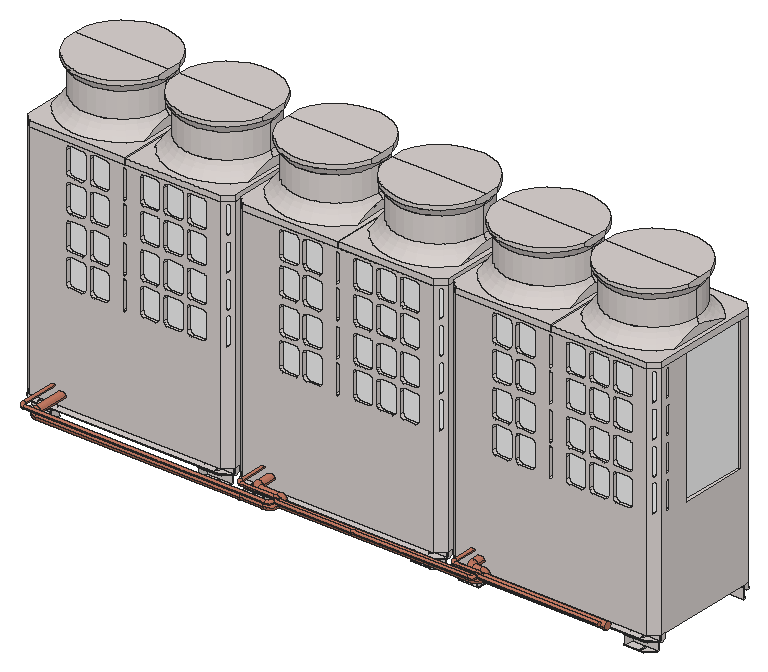
Revit family "PUHY-P1200YSNW-A1", category 機械設備, Revit 2016 (continued)
Definition of nested family "PUHY-P400YNW-A1"
  Dimensions and locks
    Extrusion 21 sketch curve to Extrusion 21 sketch curve = 170.800 mm
    plane 3 "Center (Left/Right)" to cut or joined group 1 (Extrusion 1, Extrusion 2, Extrusion 3, Extrusion 4, Extrusion 5, Extrusion 6, Extrusion 7, Extrusion 8, Extrusion 9, Extrusion 10, Extrusion 11, Extrusion 12, Extrusion 13, Extrusion 14, Extrusion 15, Extrusion 16, Extrusion 17, Extrusion 18, Extrusion 19, Extrusion 20, Extrusion 21, Extrusion 22, Extrusion 23, Extrusion 24, Extrusion 25, Extrusion 26, Extrusion 27, Extrusion 28, Extrusion 29, Extrusion 30, Extrusion 31, Extrusion 32, Extrusion 33) = 620.000 mm
    cut or joined group 1 to plane 3 "Center (Left/Right)" = 620.000 mm
    Extrusion 1 sketch curve to Extrusion 1 sketch curve = 1240.000 mm
    cut or joined group 1 to plane 8 = 185.000 mm
    cut or joined group 1 to plane 7 = 166.000 mm
    cut or joined group 1 to plane 6 = 110.000 mm
    cut or joined group 1 to plane 12 to cut or joined group 1 = 805.000 mm, 621.000 mm
    plane 5 to plane 2 = 1858.000 mm  (x2)
    cut or joined group 1 to plane 19 "132" = 132.000 mm
    cut or joined group 1 to plane 22 = 207.000 mm
    cut or joined group 1 to plane 23 = 256.000 mm
    cut or joined group 1 to plane 6 = 60.000 mm
    cut or joined group 1 to cut or joined group 1 = 42.154 mm
    cut or joined group 1 to cut or joined group 1 = 11.895 mm
    nested 1 to nested 3 to level = 1798.000 mm, 60.000 mm
    nested 1 to nested 1 = 303.000 mm
    nested 1 to nested 3 = 1495.000 mm
    nested 8 to nested 8 to nested 8 to nested 7 to nested 7 to nested 7 = 54.000 mm, 20.000 mm, 592.000 mm, 20.000 mm, 54.000 mm
    nested 3 to nested 3 = 56.000 mm
    plane 11 to plane 31 to plane 32 to cut or joined group 1 = 90.000 mm, 1060.000 mm, 90.000 mm
    curve 103 to nested 7 = 90.000 mm
    curve 104 to nested 7 = 125.000 mm
    curve 101 to nested 7 = 100.000 mm
    curve 11 to curve 13 to nested 7 = 84.000 mm, 71.000 mm
    cut or joined group 1 to curve 12 to curve 14 = 125.000 mm, 148.000 mm
    nested 2 to nested 7 = 1495.000 mm
    curve 87 to cut or joined group 1 = 152.000 mm
    curve 88 to cut or joined group 1 = 172.000 mm
    curve 89 to cut or joined group 1 = 216.000 mm
    cut or joined group 1 to curve 4 to curve 2 = 128.000 mm, 150.000 mm
    cut or joined group 1 to curve 1 to curve 3 = 79.000 mm, 94.000 mm
    Extrusion 32 sketch curve to nested 7 = 116.000 mm
    cut or joined group 1 to Extrusion 32 sketch curve = 160.000 mm
    cut or joined group 1 to Extrusion 33 sketch curve = 243.000 mm
    Extrusion 33 sketch curve to nested 7 = 116.000 mm
    aligned and locked: level to plane 2
    aligned and locked: Extrusion 1 to plane 4
  Nested families
    nested 1: "FAN GUARD" at (-311.5, 2, 860), type "FAN GUARD"
      with WIDTH 870.000 mm
    nested 2: "FAN GUARD" at (311.5, 2, 860) x (-1, 0, 0) z (0, 0, 1), type "FAN GUARD"
      with WIDTH 870.000 mm
    nested 3: "ATTACHMENT LEG" at (-524, -349, 0), type "ATTACHMENT LEG"
    nested 4: "ATTACHMENT LEG" at (-524, 349, 0), type "ATTACHMENT LEG"
    nested 5: "ATTACHMENT LEG" at (524, -349, 0) x (-1, 0, 0) z (0, 0, 1), type "ATTACHMENT LEG"
    nested 6: "ATTACHMENT LEG" at (524, 349, 0) x (-1, 0, 0) z (0, 0, 1), type "ATTACHMENT LEG"
    nested 7: "BASE LEG_L_" at (0, -352, 60), type "BASE LEG_L_"
      with Width 1240.000 mm
    nested 8: "BASE LEG_L_" at (0, 352, 60), type "BASE LEG_L_"
      with Width 1240.000 mm
  Connectors
    piping at (-460, -191, 176), diameter 25.4, driven by "Liquid pipe_radius"
      settings: on cut or joined group 1, index 3, connector inside diameter 25.4 mm, connector length 0.000 mm, flow factor 0, pipe flow 0.0 L/s, pressure drop 0.0 Pa, fitting loss kfactor 0, connector angle 0.00°, fixture units 0, engagement length 0.000 mm, angle of deflection 0.00°, flow configuration 0, flow direction 0, fitting loss method 0, system type 22, joint type 0, gender type 0, connector reference index -1, connector utility 0, adjustable connector no, is connector primary yes, connector description "Refrigerant service valve<Liquid pipe>"
    piping at (-377, -191, 176), diameter 28.58, driven by "Gas pipe_radius"
      settings: on cut or joined group 1, index 4, connector inside diameter 28.58 mm, connector length 0.000 mm, flow factor 0, pipe flow 0.0 L/s, pressure drop 0.0 Pa, fitting loss kfactor 0, connector angle 0.00°, fixture units 0, engagement length 0.000 mm, angle of deflection 0.00°, flow configuration 0, flow direction 0, fitting loss method 0, system type 22, joint type 0, gender type 0, connector reference index -1, connector utility 0, adjustable connector no, is connector primary no, connector description "Refrigerant service valve<Gas>"
    electrical at (0, -370, 808)
      settings: on cut or joined group 1, index 5, voltage 0 V, apparent load 0 VA, apparent load phase1 0 VA, apparent load phase2 0 VA, apparent load phase3 0 VA, power factor 1, load classification none, number of poles 1, system type 30, power factor state 1, is connector primary yes, connector utility no, sub classification motor no, connector description ""
  Definition of nested family "FAN GUARD"
    Parameters
      WIDTH [instance] = 870.000 mm
    Reference planes
      plane 1 "中心(正面/背面)": y = -2
      plane 2: z = 0
      plane 3 "ファンガード基準面": z = 661
      plane 4: y = 368
      plane 5: x = 366
      plane 6: x = -375
      plane 7 "ファンガード基準上面": z = 695
      plane 8 "ファンガード上面": z = 998
      plane 9: x = -273.971
      plane 10: x = 308.5
      plane 11: x = -308.5
      plane 12: x = 0
    Forms (mm)
      Extrusion 1, solid
        sketch origin (85, 0, 661) x (-1, 0, 0) y (0, -1, 0)
          loop
            line (343.5, -368) -> (393.5, -318) -> (393.5, 322) -> (343.5, 372) -> (-223.5, 372) -> (-223.5, -368) -> (343.5, -368)
        from 0 to 34
      Revolve 2, solid
        sketch origin (0, -2, 0) x (1, 0, 0) y (0, 0, 1)
          loop
            line (0, 695) -> (0, 998) -> (-290, 998) -> (-290, 972.327) -> (-260, 928.372) -> (-260, 777.384)
            arc (-260, 777.384) -> (-290.651, 730.137) -> (-334.665, 695) r 175.882
            line (-334.665, 695) -> (0, 695)
          axis (0, 998) -> (0, 695)
        angle from 0 to 360
      Extrusion 3, void
        sketch origin (-840, 75, 695) x (-1, 0, 0) y (0, -1, 0)
          loop
            line (-410, -165) -> (-410, 315) -> (-561.253, 315) -> (-561.253, -165) -> (-410, -165)
        from -35 to 430.592
      Extrusion 4, void
        sketch origin (840, 75, 695) x (1, 0, 0) y (0, 1, 0)
          loop
            line (-410, 165) -> (-561.253, 165) -> (-561.253, -315) -> (-410, -315) -> (-410, 165)
        from 0 to 430.592
    Cuts and joins
      Extrusion 3, Extrusion 4 cuts Revolve 2
      Extrusion 4 cuts Extrusion 1
    Lines and regions (mm)
      model lines
        curve 1: line (-278.747, 0, 998) -> (-80, 0, 998)
        curve 2: line (80, 0, 998) -> (278.747, 0, 998)
        curve 3: circle (0, 0, 998) r 80 normal (0, 0, 1)
        curve 4: line (-278.747, -80, 998) -> (278.747, -80, 998)
        curve 5: line (-241.868, -160, 998) -> (241.868, -160, 998)
        curve 6: line (-162.788, -240, 998) -> (162.788, -240, 998)
        curve 7: line (-278.747, 80, 998) -> (278.747, 80, 998)
        curve 8: line (-241.868, 160, 998) -> (240, 160, 998)
        curve 9: line (-160, 240, 998) -> (162.788, 240, 998)
        curve 10: line (0, 290, 998) -> (0, -290, 998)
        curve 11: line (-20, 289.31, 998) -> (-20, -289.31, 998)
        curve 12: line (-40, 287.228, 998) -> (-40, -287.228, 998)
        curve 13: line (-60, 283.725, 998) -> (-60, -283.725, 998)
        curve 14: line (-80, 278.747, 998) -> (-80, -278.747, 998)
        curve 15: line (20, 289.31, 998) -> (20, -289.31, 998)
        curve 16: line (40, 287.228, 998) -> (40, -287.228, 998)
        curve 17: line (60, 283.725, 998) -> (60, -283.725, 998)
        curve 18: line (80, 278.747, 998) -> (80, -278.747, 998)
        curve 19: line (100, 272.213, 998) -> (100, -272.213, 998)
        curve 20: line (120, 264.008, 998) -> (120, -264.008, 998)
        curve 21: line (140, 253.969, 998) -> (140, -253.969, 998)
        curve 22: line (160, 241.868, 998) -> (160, -243.132, 998)
        curve 23: line (180, 227.376, 998) -> (180, -227.624, 998)
        curve 24: line (200, 210, 998) -> (200, -210, 998)
        curve 25: line (220, 188.944, 998) -> (220, -188.944, 998)
        curve 26: line (240, 160, 998) -> (240, -162.788, 998)
        curve 27: line (260, 128.452, 998) -> (260, -128.452, 998)
        curve 28: line (-100, 272.213, 998) -> (-100, -272.213, 998)
        curve 29: line (-120, 264.008, 998) -> (-120, -264.008, 998)
        curve 30: line (-140, 253.969, 998) -> (-140, -253.969, 998)
        curve 31: line (-160, 240, 998) -> (-160, -241.868, 998)
        curve 32: line (-180, 227.376, 998) -> (-180, -227.376, 998)
        curve 33: line (-200, 210, 998) -> (-200, -210, 998)
        curve 34: line (-220, 188.944, 998) -> (-220, -188.944, 998)
        curve 35: line (-240, 162.788, 998) -> (-240, -162.788, 998)
        curve 36: line (-260, 128.452, 998) -> (-260, -128.452, 998)
        curve 37: line (10, 79.373, 998) -> (10, -79.373, 998)
        curve 38: line (-10, 79.373, 998) -> (-10, -79.373, 998)
        curve 39: line (30, 74.162, 998) -> (30, -74.162, 998)
        curve 40: line (50, 62.45, 998) -> (50, -62.45, 998)
        curve 41: line (70, 38.73, 998) -> (70, -38.73, 998)
        curve 42: line (-30, 74.162, 998) -> (-30, -74.162, 998)
        curve 43: line (-50, 62.45, 998) -> (-50, -62.45, 998)
        curve 44: line (-70, 38.73, 998) -> (-70, -38.73, 998)
    Dimensions and locks
      locked: plane 8 "ファンガード上面" to plane 7 "ファンガード基準上面" at 303
      plane 8 "ファンガード上面" to plane 3 "ファンガード基準面" = 337.000 mm
      Revolve 2 sketch curve to Revolve 2 sketch curve = 290.000 mm
      Extrusion 1 sketch curve to Extrusion 1 sketch curve = 740.000 mm
      equal spacing: Extrusion 1 sketch curve, plane 1 "中心(正面/背面)", Extrusion 1 sketch curve
      plane 6 to plane 5 = 741.000 mm
      Extrusion 1 sketch curve to Extrusion 1 sketch curve = 617.000 mm
      plane 11 to plane 10 = 617.000 mm
      cut or joined group of Extrusion 1, Extrusion 4 to cut or joined group of Extrusion 1, Extrusion 4 = 617.000 mm
      cut or joined group of Extrusion 1, Extrusion 4 to cut or joined group of Extrusion 1, Extrusion 4 = 740.000 mm
      aligned and locked: level to plane 2
      aligned and locked: plane 7 "ファンガード基準上面" to Extrusion 1
      aligned and locked: plane 3 "ファンガード基準面" to Extrusion 1
      aligned and locked: cut or joined group of Revolve 2, Extrusion 3, Extrusion 4 to plane 8 "ファンガード上面"
  Definition of nested family "ATTACHMENT LEG"
    Parameters
      Width = 145.000 mm
    Reference planes
      plane 1: z = 0
      plane 2 "中心(左/右)": x = -6
      plane 3: x = -52
      plane 4: x = 85
      plane 5: x = 93
      plane 6: y = -21
      plane 7: y = 27
      plane 8: x = -30
      plane 9: y = 39
      plane 10: z = 60
      plane 11: z = 57
      plane 12: z = 3
      plane 13: x = 82
      plane 14: y = 36
      plane 15: x = -75
      plane 16: y = 31
      plane 17 "幅": x = 93
      plane 18: y = 2.5
      plane 19: y = 21
      plane 20: y = -10
    Forms (mm)
      Extrusion 1, solid
        sketch origin (0, -1, 0) x (1, 0, 0) y (0, 1, 0)
          loop
            line (-75, 36) -> (-75, 27) -> (-28, -20) -> (93, -20) -> (93, 32) -> (85, 32) -> (85, 36) -> (-75, 36)
        from 0 to 60
      Extrusion 2, void
        sketch origin (0, -3, 0) x (1, 0, 0) y (0, 0, 1)
          loop
            line (-75, 57) -> (-75, 3) -> (82, 3) -> (82, 57) -> (-75, 57)
          loop
            line (93, 57) -> (85, 57) -> (85, 3) -> (93, 3) -> (93, 57)
        from -35 to 18
      Extrusion 3, void
        sketch origin (-6, 5.5, 0) x (1, 0, 0) y (0, 1, 0)
          loop
            arc (-7, -8.5) -> (0, -15.5) -> (7, -8.5) r 7
            line (7, -8.5) -> (7, 8.5)
            arc (7, 8.5) -> (0, 15.5) -> (-7, 8.5) r 7
            line (-7, 8.5) -> (-7, -8.5)
        from 0 to 60
    Cuts and joins
      Extrusion 2, Extrusion 3 cuts Extrusion 1
    Dimensions and locks
      locked: plane 3 to plane 4 at 137
      locked: plane 3 to plane 5 at 145
      plane 6 to plane 7 = 48.000 mm
      locked: plane 10 to level at 60
      Extrusion 3 sketch curve to plane 2 "中心(左/右)" = 7.000 mm
      locked: plane 15 to plane 2 "中心(左/右)" at 69
      locked: plane 15 to plane 8 at 45
      locked: plane 6 to plane 18 at 23.5
      cut or joined group of Extrusion 1, Extrusion 2, Extrusion 3 to cut or joined group of Extrusion 1, Extrusion 2, Extrusion 3 = 168.000 mm
      cut or joined group of Extrusion 1, Extrusion 2, Extrusion 3 to cut or joined group of Extrusion 1, Extrusion 2, Extrusion 3 = 56.000 mm  (x2)
      plane 14 to plane 6 = 57.000 mm
      aligned and locked: level to plane 1
      aligned and locked: Extrusion 1 sketch curve to plane 4
      aligned and locked: Extrusion 1 sketch curve to plane 5
      aligned: plane 8 to Extrusion 1 sketch curve
      aligned and locked: plane 10 to Extrusion 1
      aligned and locked: Extrusion 2 sketch curve to plane 11
      aligned: plane 3 to Extrusion 2 sketch curve
      aligned and locked: plane 12 to Extrusion 2 sketch curve
      aligned and locked: Extrusion 2 sketch curve to plane 13
      aligned and locked: plane 6 to Extrusion 2
      aligned and locked: plane 11 to Extrusion 2 sketch curve
      aligned and locked: plane 5 to Extrusion 2 sketch curve
      aligned and locked: Extrusion 2 sketch curve to plane 12
      aligned and locked: Extrusion 2 sketch curve to plane 4
      aligned and locked: plane 15 to Extrusion 1 sketch curve
      aligned and locked: Extrusion 2 sketch curve to cut or joined group of Extrusion 1, Extrusion 2, Extrusion 3
      aligned and locked: Extrusion 1 to plane 16
  Definition of nested family "BASE LEG_L_"
    Parameters
      Width [instance] = 1240.000 mm
    Reference planes
      plane 1 "中心(正面/背面)": y = 0
      plane 2: z = 0
      plane 3 "中心(左/右)": x = 0
      plane 4: x = 620
      plane 5: x = -620
      plane 6: x = -530
      plane 7: x = 530
      plane 8: y = -18
      plane 9: y = 39
      plane 10: z = 53
      plane 11: y = 42
      plane 12: y = 27
      plane 13: x = 575
      plane 14: x = -575
      plane 15: z = 8
      plane 16: y = 11.5
      plane 17: z = 35
    Forms (mm)
      Extrusion 1, solid
        sketch origin (0, 0, 0) x (0, 1, 0) y (0, 0, 1)
          loop
            line (-18, 0) -> (36, 0) -> (36, 32) -> (56, 32) -> (56, 35) -> (33, 35) -> (33, 3) -> (-18, 3) -> (-18, 0)
        from -620 to 620
      Extrusion 2, void
        sketch origin (0, 0, 0) x (1, 0, 0) y (0, 1, 0)
          loop
            line (575, -18) -> (620, -18) -> (620, 27) -> (575, -18)
          loop
            line (-575, -18) -> (-620, 27) -> (-620, -18) -> (-575, -18)
        from 0 to 250
      Extrusion 3, void
        sketch origin (0, 12.023, 0) x (1, 0, 0) y (0, 1, 0)
          loop
            arc (523, -2.971) -> (530, -9.971) -> (537, -2.971) r 7
            line (537, -2.971) -> (537, 3.023)
            arc (537, 3.023) -> (530, 10.023) -> (523, 3.023) r 7
            line (523, 3.023) -> (523, -2.971)
          loop
            line (-523, -2.971) -> (-523, 3.023)
            arc (-523, 3.023) -> (-530, 10.023) -> (-537, 3.023) r 7
            line (-537, 3.023) -> (-537, -2.971)
            arc (-537, -2.971) -> (-530, -9.971) -> (-523, -2.971) r 7
        from 0 to 250
      Extrusion 4, solid
        sketch origin (0, 0, -3) x (1, 0, 0) y (0, 0, 1)
          loop
            line (617, 8) -> (620, 8) -> (620, 35) -> (617, 35) -> (617, 8)
          loop
            line (-617, 8) -> (-617, 35) -> (-620, 35) -> (-620, 8) -> (-617, 8)
        from -36 to -56
      Extrusion 5, solid
        sketch origin (150, 352, 0) x (1, 0, 0) y (0, 1, 0)
          loop
            line (460, -319) -> (455, -319) -> (455, -320) -> (405, -370) -> (410, -370) -> (460, -320) -> (460, -319)
        from 3 to 35
      Extrusion 6, void
        sketch origin (560, -18, 0) x (0.707107, 0.707107, 0) y (0, 0, 1)
          loop
            line (70.711, 3) -> (-6.741, 39.767) -> (-6.741, 3) -> (70.711, 3)
        from -190.256 to 23.776
      Extrusion 7, solid
        sketch origin (-150, 352, 0) x (-1, 0, 0) y (0, -1, 0)
          loop
            line (460, 319) -> (460, 320) -> (410, 370) -> (405, 370) -> (455, 320) -> (455, 319) -> (460, 319)
        from 3 to 35
      Extrusion 8, void
        sketch origin (-560, -18, 0) x (0.707107, -0.707107, 0) y (0, 0, -1)
          loop
            line (-70.711, -3) -> (0, -35) -> (6.741, -35) -> (6.741, -3) -> (-70.711, -3)
        from -190.256 to 23.776
    Cuts and joins
      Extrusion 2, Extrusion 3 cuts Extrusion 1
      joined: Extrusion 1, Extrusion 4
      Extrusion 8 cuts Extrusion 7
      Extrusion 6 cuts Extrusion 5
    Dimensions and locks
      "Width": plane 5 to plane 4
      equal spacing: plane 5, plane 3 "中心(左/右)", plane 4
      locked: plane 5 to plane 6 at 90
      locked: plane 7 to plane 4 at 90
      locked: plane 8 to plane 9 at 57
      locked: plane 10 to level at 53
      locked: plane 9 to plane 11 at 3
      plane 8 to plane 12 = 45.000 mm
      locked: plane 13 to plane 4 at 45
      locked: plane 5 to plane 14 at 45
      equal spacing: Extrusion 3 sketch curve, plane 7, Extrusion 3 sketch curve
      equal spacing: Extrusion 3 sketch curve, plane 6, Extrusion 3 sketch curve
      locked: plane 10 to plane 15 at 45
      locked: cut or joined group of Extrusion 1, Extrusion 2, Extrusion 3, Extrusion 4 to Extrusion 4 sketch curve at 3  (x2)
      locked: plane 8 to plane 16 at 29.5
      plane 8 to plane 11 = 60.000 mm
      cut or joined group of Extrusion 1, Extrusion 2, Extrusion 3, Extrusion 4 to cut or joined group of Extrusion 1, Extrusion 2, Extrusion 3, Extrusion 4 = 35.000 mm
      aligned and locked: level to plane 2
      aligned and locked: plane 8 to Extrusion 1 sketch curve
      aligned and locked: plane 4 to Extrusion 1
      aligned and locked: Extrusion 1 to plane 5
      aligned and locked: Extrusion 2 sketch curve to plane 4
      aligned and locked: Extrusion 2 sketch curve to plane 8
      aligned and locked: plane 12 to Extrusion 2 sketch curve
      aligned and locked: plane 13 to Extrusion 2 sketch curve
      aligned and locked: plane 4 to Extrusion 4 sketch curve
      aligned and locked: plane 5 to Extrusion 4 sketch curve
      aligned and locked: cut or joined group of Extrusion 7, Extrusion 8 to cut or joined group of Extrusion 1, Extrusion 2, Extrusion 3, Extrusion 4
    Automatic sketch dimensions
      Extrusion 3 sketch curve to plane 1 "中心(正面/背面)" = 9.052 mm  (x2)
      Extrusion 3 sketch curve to plane 7 = 7.000 mm
      Extrusion 3 sketch curve to plane 1 "中心(正面/背面)" = 15.046 mm  (x2)
      Extrusion 3 sketch curve to plane 6 = 7.000 mm
      Extrusion 2 sketch curve to plane 5 = 0.000 mm
      plane 8 to Extrusion 2 sketch curve = 0.000 mm
      Extrusion 2 sketch curve to plane 14 = 0.000 mm
      plane 12 to Extrusion 2 sketch curve = 0.000 mm
      Extrusion 4 sketch curve to plane 10 = 21.000 mm
      plane 7 to Extrusion 5 sketch curve = 25.000 mm
      Extrusion 5 sketch curve to Extrusion 5 sketch curve = 5.000 mm  (x2)
      plane 7 to Extrusion 5 sketch curve = 75.000 mm
      plane 8 to Extrusion 5 sketch curve = 0.000 mm
      Extrusion 5 sketch curve to Extrusion 5 sketch curve = 50.000 mm
      Extrusion 5 sketch curve to Extrusion 5 sketch curve = 0.000 mm
      Extrusion 5 sketch curve to Extrusion 5 sketch curve = 1.000 mm
      Extrusion 6 sketch curve to Extrusion 5 = 0.000 mm  (x2)
      Extrusion 6 sketch curve to Extrusion 5 = 6.741 mm
      Extrusion 6 sketch curve to Extrusion 5 = 4.767 mm
      plane 6 to Extrusion 7 sketch curve = 25.000 mm
      Extrusion 7 sketch curve to Extrusion 7 sketch curve = 5.000 mm  (x2)
      Extrusion 7 sketch curve to Extrusion 7 sketch curve = 45.000 mm
      Extrusion 7 sketch curve to plane 8 = 0.000 mm
      Extrusion 7 sketch curve to Extrusion 7 sketch curve = 50.000 mm
      Extrusion 7 sketch curve to Extrusion 7 sketch curve = 0.000 mm
      Extrusion 7 sketch curve to Extrusion 7 sketch curve = 1.000 mm
      Extrusion 8 sketch curve to Extrusion 7 = 0.000 mm  (x2)
      Extrusion 7 to Extrusion 8 sketch curve = 0.000 mm  (x2)
      Extrusion 7 to Extrusion 8 sketch curve = 6.741 mm
      Extrusion 4 sketch curve to plane 17 = 3.000 mm
      Extrusion 4 sketch curve to plane 15 = 3.000 mm  (x2)
      Extrusion 1 sketch curve to plane 17 = 0.000 mm
      Extrusion 1 sketch curve to level = 0.000 mm
      level to Extrusion 1 sketch curve = 3.000 mm
      plane 9 to Extrusion 1 sketch curve = 6.000 mm
      plane 9 to Extrusion 1 sketch curve = 3.000 mm
      Extrusion 1 sketch curve to plane 17 = 3.000 mm
      Extrusion 1 sketch curve to plane 11 = 14.000 mm
Types (6, lengths in mm): name | Voltage | Hertz | Heating Rated Load Ampacity (A) | Heating Current Input (Nominal) (A) | Heating Current Input (A) | Cooling Rated Load Ampacity (A) | Cooling Current Input (A)
  PUHY-P1200YSNW-A1_380V_50Hz | 380 V | 50 Hz | 64.7 | 55 | 64.7 | 74.7 | 74.7
  PUHY-P1200YSNW-A1_380V_60Hz | 380 V | 60 Hz | 64.7 | 55 | 64.7 | 74.7 | 74.7
  PUHY-P1200YSNW-A1_400V_50Hz | 400 V | 50 Hz | 61.5 | 52.2 | 61.5 | 71 | 71
  PUHY-P1200YSNW-A1_400V_60Hz | 400 V | 60 Hz | 61.5 | 52.2 | 61.5 | 71 | 71
  PUHY-P1200YSNW-A1_415V_50Hz | 415 V | 50 Hz | 59.2 | 50.4 | 59.2 | 68.4 | 68.4
  PUHY-P1200YSNW-A1_415V_60Hz | 415 V | 60 Hz | 59.2 | 50.4 | 59.2 | 68.4 | 68.4
